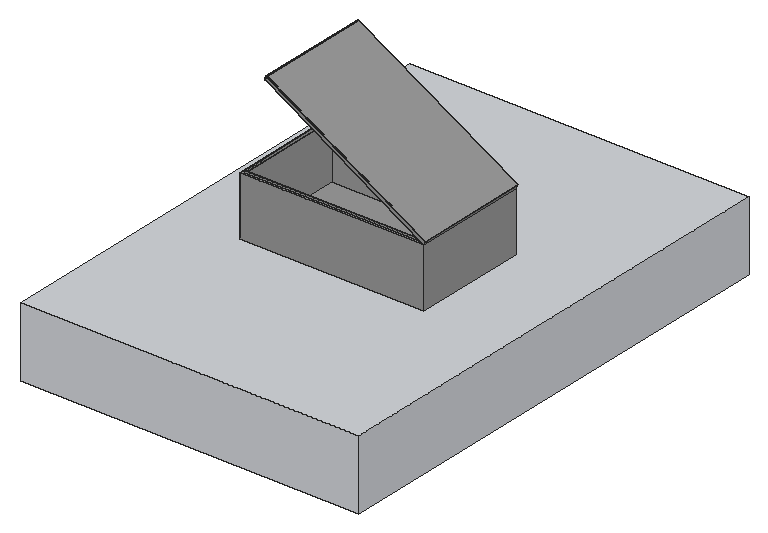
Revit family "Hager-Univers-IP55-D275-H500-Cl.I-Steel_encl-DE-de", category Equipement électrique, Revit 2020
Family settings
  Hôte = Face
  Configuration du panneau = Deux colonnes, circuits au sein
  Cote de connecteur circulaire = Utiliser le diamètre
  Type d'élément = Tableau de raccordement
  Couper avec des vides une fois chargée = Non
  Partagée = Non
  Point de calcul de pièce = Non
Parameters (values of type "Aufputz IP55 B800 H500 T275  - FR33E")
  Width Control [instance] = if([EF000008 - Breite] > Min Width, [EF000008 - Breite], Min Width)  # 800 mm
  Commentaires du type = [HG000003 - Bereich]  # "Univers"
  Thickness Door [instance] = if([EF009171 - Materialstärke Tür/Deckel] > 3 mm, 3 mm, [EF009171 - Materialstärke Tür/Deckel])  # 1.5 mm
  Seal Frame Offset [instance] = 17 mm  # constant formula
  Plinth Visibility [instance] = [HG000027 - Sockelhöhe] > 0 mm  # no
  Model = ""
  Min Width [instance] = 100 mm  # constant formula
  Min Height [instance] = 100 mm  # constant formula
  Min Depth [instance] = (2 * [EF009170 - Materialstärke Gehäuse]) + 1 mm  # 4 mm
  Internal Frame Depth [instance] = (Door System Depth * 0.5)  # 9 mm
  Height Control [instance] = if([EF000040 - Höhe] > Min Height, [EF000040 - Höhe], Min Height)  # 500 mm
  HG000027 - Sockelhöhe = 0 mm
  HG000026 - Stehend auf dem Boden = no
  HG000024 - Höhe des unteren Teils = 800 mm
  HG000023 - Gehäuse mit doppeltem Querschnitt = no
  HG000016 - 3D-Türsichtbarkeit [instance] = yes
  HG000015 - Sichtbarkeit der Türöffnung [instance] = no
  HG000014 - Tür rechts [instance] = yes
  HG000013 - Tür links [instance] = not([HG000014 - Tür rechts])  # no
  HG000012 - Türschwenkwinkel [instance] = 30.00°
  HG000010 - Asymmetrische Türen = no
  HG000009 - Doppelflügeligen Tür = no
  HG000006 - Unterputz = no
  HG000004 - Herstellerreferenz = "FR33E"
  HG000003 - Bereich = "Univers"
  HG000002 - Mit tür = yes
  Frame Offset Bottom [instance] = 10 mm  # constant formula
  Frame Offset [instance] = 15 mm  # constant formula
  EF015940 - Deckel mit Überdruckentlastung = no
  EF011959 - Schutzart (NEMA) = ""
  EF009554 - Anzahl der Öffnungen für Flanschplatten = 6
  Fabricant = "Hager"  # constant formula
  EF009212 - Ausführung Deckel = "EV000116 - geschlossen"
  EF009171 - Materialstärke Tür/Deckel = 1.5 mm
  EF009170 - Materialstärke Gehäuse = 1.5 mm
  EF008873 - Nennstrom (In) = 800 A
  EF007800 - Geeignet für Blitzschutz = no
  EF006306 - Mit Schloss = no
  EF006244 - Transparenter Deckel/Tür = no
  EF005474 - Schutzart (IP) = "EV006420 - IP55"
  EF004464 - Art der Tür = "EV002646 - Einzel"
  EF004427 - Anzahl der Module = 108
  EF004293 - Schlagfestigkeit = "EV008784 - IK10"
  EF003532 - Geeignet für Außengebrauch = no
  EF002950 - Breite in Teilungseinheiten = 24
  EF001613 - Funktionserhalt = "EV000494 - ohne"
  EF001596 - Werkstoff des Gehäuses = "EV000179 - Stahl"
  EF001131 - Innentiefe = 275 mm
  EF001088 - Anbaumöglichkeit = yes
  EF000437 - Anzahl der Leitungseinführungen = 6
  EF000339 - Art der Abdeckung = "EV004216 - Tür"
  EF000266 - Anzahl der Reihen = 3
  EF000218 - Einbautiefe = 0 mm
  EF000118 - Mit Montageplatte = no
  EF000116 - RAL-Nummer = "7035"
  EF000049 - Tiefe = 275 mm
  EF000040 - Höhe = 500 mm
  EF000008 - Breite = 800 mm
  EF000007 - Farbe = "EV000270 - grau"
  EF000003 - Montageart = "EV000384 - Aufputz"
  Door System Leaf Tolerance [instance] = 1.5 mm  # constant formula
  Door System Depth [instance] = 18 mm  # constant formula
  Door Height [instance] = Height Control - [HG000027 - Sockelhöhe]  # 500 mm
  Depth Control [instance] = if([EF000049 - Tiefe] > Min Depth, [EF000049 - Tiefe], Min Depth)  # 275 mm
  Default Elevation = 0 mm
  Connector Offset [instance] = Height Control / 2  # 250 mm
  Bottom Top Plate Trim [instance] = 1.5 mm  # constant formula
  Plinth height Ctrl [instance] = if([HG000027 - Sockelhöhe] > 0 mm, [HG000027 - Sockelhöhe], 12 mm)  # 12 mm
Types (5, lengths in mm): name | Width Control | HG000010 - Asymmetrische Türen | HG000009 - Doppelflügeligen Tür | HG000004 - Herstellerreferenz | EF009554 - Anzahl der Öffnungen für Flanschplatten | EF004464 - Art der Tür | EF004427 - Anzahl der Module | EF000437 - Anzahl der Leitungseinführungen | EF000008 - Breite
  Aufputz IP55 B1050 H500 T275  - FR34E | 1050 | no | yes | "FR34E" | 8 | "EV003602 - Doppel" | 144 | 8 | 1050
  Aufputz IP55 B1300 H500 T275  - FR35E | 1300 | yes | yes | "FR35E" | 10 | "EV003602 - Doppel" | 180 | 10 | 1300
  Aufputz IP55 B300 H500 T275  - FR31E | 300 | no | no | "FR31E" | 2 | "EV002646 - Einzel" | 36 | 2 | 300
  Aufputz IP55 B550 H500 T275  - FR32E | 550 | no | no | "FR32E" | 4 | "EV002646 - Einzel" | 72 | 4 | 550
  Aufputz IP55 B800 H500 T275  - FR33E | 800 | no | no | "FR33E" | 6 | "EV002646 - Einzel" | 108 | 6 | 800
Reference planes
  plane 1 "Center (Front/Back)": y = 0
  plane 2: z = 0
  plane 3 "Center (Left/Right)": x = 0
  plane 4: z = 275
  plane 5: y = 1.5
  plane 6: y = 250
  plane 7: y = 0
  plane 8: y = 500
  plane 9: z = 0
  plane 10: x = -385
  plane 11: x = 385
  plane 12: x = 383.5
  plane 13: x = -383.5
  plane 14: y = 498.5
  plane 15: x = -383
  plane 16: x = -400
  plane 17: x = 383
  plane 18: x = 400
  plane 19: x = 398.5
  plane 20: x = -398.5
  plane 21: y = 11.5
  plane 22: y = 500
  plane 23: y = 483.5
  plane 24: z = 257
  plane 25: z = 1.5
  plane 26: z = 255.5
  plane 27: z = 273.5
Forms (mm)
  Extrusion 1, solid
    sketch origin (0, 0, 0) x (1, 0, 0) y (0, 1, 0)
      loop
        line (-702.964, 1305) -> (-702.964, -811.445) -> (766.763, -811.445) -> (766.763, 1305) -> (-702.964, 1305)
    from 0 to -304.8
  Extrusion 2, solid, material "Hager_Steel_RAL7035_Light_Grey", visible <- "Plinth Visibility", detail levels medium+fine
    sketch origin (0, 0, 0) x (1, 0, 0) y (0, 1, 0)
      loop
        line (-400, 0) -> (400, 0) -> (400, 12) -> (-400, 12) -> (-400, 0)
    from 0 to 257
  Extrusion 3, solid, material "Hager_Steel_RAL7035_Light_Grey", detail levels medium+fine
    sketch origin (0, 0, 0) x (1, 0, 0) y (0, 1, 0)
      loop
        line (-400, 0) -> (400, 0) -> (400, 500) -> (-400, 500) -> (-400, 0)
    from 0 to 257
  Extrusion 4, void
    sketch origin (0, 0, 0) x (1, 0, 0) y (0, 1, 0)
      loop
        line (-398.5, 1.5) -> (398.5, 1.5) -> (398.5, 498.5) -> (-398.5, 498.5) -> (-398.5, 1.5)
    from 1.5 to 255.5
  Extrusion 5, void
    sketch origin (-381.607, -4572, 257) x (0, -1, 0) y (-1, 0, 0)
      loop
        line (-4583.5, 1.893) -> (-5055.5, 1.893) -> (-5055.5, -765.107) -> (-4583.5, -765.107) -> (-4583.5, 1.893)
    from 0 to 1.5 <- "EF009170 - Materialstärke Gehäuse"
  Extrusion 6, solid, material "Hager_Steel_RAL7035_Light_Grey", detail levels fine
    sketch origin (0, 0, 257) x (1, 0, 0) y (0, 1, 0)
      loop
        line (-383.5, 483.5) -> (-383.5, 11.5) -> (383.5, 11.5) -> (383.5, 483.5) -> (-383.5, 483.5)
      loop
        line (-385, 10) -> (385, 10) -> (385, 485) -> (-385, 485) -> (-385, 10)
    from 0 to 9 <- "Internal Frame Depth"
  Extrusion 7, solid, material "Hager_Steel_RAL7035_Light_Grey", detail levels coarse
    sketch origin (0, 0, 0) x (1, 0, 0) y (0, 1, 0)
      loop
        line (-400, 0) -> (400, 0) -> (400, 500) -> (-400, 500) -> (-400, 0)
    from 0 to 275
  Sweep 8, void
    path in 3D
      loop
        line (-400, 12, 0) -> (400, 12, 0) -> (400, 12, 257) -> (-400, 12, 257) -> (-400, 12, 0)
    profile origin (-400, 12, 128.5) x (-1, 0, 0) y (0, -1, 0)
      loop
        line (0, 0) -> (0, 1.5) -> (-1.5, 1.5)
        arc (-1.5, 1.5) -> (-1.061, 0.439) -> (0, 0) r 1.5
Cuts and joins
  Extrusion 4, Extrusion 5 cuts Extrusion 3
  Sweep 8 cuts Extrusion 2
Lines and regions (mm)
  Masking region 1
    outline origin (0, 0, 0) x (1, 0, 0) y (0, 0, 1)
      loop
        line (-400, 275) -> (-400, 0) -> (400, 0) -> (400, 275) -> (-400, 275)
  Masking region 2, detail levels medium+fine
    outline origin (0, 140, 0) x (0, 1, 0) y (0, 0, 1)
      loop
        line (-140, 0) -> (360, 0) -> (360, 257) -> (-140, 257) -> (-140, 0)
  Masking region 3, not visible, detail levels medium+fine
    outline origin (0, 297.922, 0) x (0, 1, 0) y (0, 0, 1)
      loop
        line (-36.422, 0) -> (3.578, 0) -> (3.578, 263.5)
        arc (3.578, 263.5) -> (0.649, 270.571) -> (-6.422, 273.5) r 10
        line (-6.422, 273.5) -> (-36.422, 273.5) -> (-36.422, 0)
  Masking region 4, detail levels coarse
    outline origin (0, 0, 180) x (0, 1, 0) y (0, 0, 1)
      loop
        line (0, -180) -> (500, -180) -> (500, 95) -> (0, 95) -> (0, -180)
  Masking region 5, visible <- "Plinth Visibility", detail levels medium+fine
    outline origin (0, 52.24, 12.345) x (0, 0, -1) y (0, 1, 0)
      loop
        line (10.845, -40.24) -> (-243.155, -40.24)
        arc (-243.155, -40.24) -> (-243.594, -41.301) -> (-244.655, -41.74) r 1.5
        line (-244.655, -41.74) -> (-244.655, -52.24) -> (12.345, -52.24) -> (12.345, -41.74)
        arc (12.345, -41.74) -> (11.285, -41.301) -> (10.845, -40.24) r 1.5
  Masking region 6, detail levels medium+fine
    outline origin (-381.607, -4572, 257) x (-1, 0, 0) y (0, -1, 0)
      loop
        line (18.393, -5072) -> (18.393, -4572) -> (-781.607, -4572) -> (-781.607, -5072) -> (18.393, -5072)
  Masking region 7, visible <- "Plinth Visibility", detail levels medium+fine
    outline origin (-381.607, -4727, 257) x (-1, 0, 0) y (0, -1, 0)
      loop
        arc (16.893, -4739) -> (17.332, -4737.939) -> (18.393, -4737.5) r 1.5
        line (18.393, -4737.5) -> (18.393, -4727) -> (-781.607, -4727) -> (-781.607, -4737.5)
        arc (-781.607, -4737.5) -> (-780.546, -4737.939) -> (-780.107, -4739) r 1.5
        line (-780.107, -4739) -> (16.893, -4739)
  Masking region 8, detail levels coarse
    outline origin (-442.548, -4669.526, 257) x (-1, 0, 0) y (0, -1, 0)
      loop
        line (-42.548, -5169.526) -> (-42.548, -4669.526) -> (-842.548, -4669.526) -> (-842.548, -5169.526) -> (-42.548, -5169.526)
  sketch lines
    curve 1: line (-400, 12, 257) -> (-400, 12, 0)
    curve 2: line (400, 12, 257) -> (-400, 12, 257)
    curve 3: line (400, 12, 257) -> (400, 12, 0)
    curve 4: line (-400, 12, 0) -> (400, 12, 0)
Dimensions and locks
  "Depth Control": plane 4 to Extrusion 1
  "HG000027 - Sockelhöhe": plane 1 "Center (Front/Back)" to plane 7
  "EF009170 - Materialstärke Gehäuse": plane 5 to plane 7
  locked: connector elem to plane 3 "Center (Left/Right)"
  equal spacing: plane 8, plane 6, plane 7
  locked: connector elem to plane 6
  "EF009170 - Materialstärke Gehäuse": plane 8 to plane 14
  "EF009170 - Materialstärke Gehäuse": plane 10 to plane 13
  "EF009170 - Materialstärke Gehäuse": plane 12 to plane 11
  "Frame Offset": plane 20 to plane 13
  "Frame Offset": plane 12 to plane 19
  "EF009170 - Materialstärke Gehäuse": plane 16 to plane 20
  "EF009170 - Materialstärke Gehäuse": plane 19 to plane 18
  "Seal Frame Offset": plane 16 to plane 15
  "Seal Frame Offset": plane 17 to plane 18
  "Frame Offset Bottom": plane 21 to plane 5
  "Frame Offset": plane 14 to plane 23
  equal spacing: plane 16, plane 3 "Center (Left/Right)", plane 18
  "Width Control": plane 16 to plane 18
  "EF009170 - Materialstärke Gehäuse": plane 4 to plane 27
  "EF009170 - Materialstärke Gehäuse": plane 24 to plane 26
  "EF009170 - Materialstärke Gehäuse": plane 25 to level
  "Door System Depth": plane 4 to plane 24
  "Height Control": plane 1 "Center (Front/Back)" to Extrusion 7 sketch curve
  "Height Control": Masking region 4 sketch curve to plane 1 "Center (Front/Back)"
  "Height Control": plane 1 "Center (Front/Back)" to plane 22
  "Bottom Top Plate Trim": profile plane to Sweep 8 sketch curve
  "Bottom Top Plate Trim": Sweep 8 sketch curve to profile plane
  "Plinth height Ctrl": plane 1 "Center (Front/Back)" to Extrusion 2 sketch curve
  "Plinth height Ctrl": Masking region 5 sketch curve to plane 1 "Center (Front/Back)"
  "Plinth height Ctrl": plane 1 "Center (Front/Back)" to Masking region 7 sketch curve
  "Thickness Door": Extrusion 6 sketch curve to Extrusion 6 sketch curve  (x3)
  "Thickness Door": cut or joined group of Extrusion 3, Extrusion 4, Extrusion 5 to Extrusion 6 sketch curve
  radius of Masking region 3 sketch curve = 10 mm
  "Bottom Top Plate Trim": radius of Masking region 5 sketch curve  (x2)
  "Bottom Top Plate Trim": radius of Sweep 8 sketch curve
  "Bottom Top Plate Trim": radius of Masking region 7 sketch curve  (x2)
  aligned and locked: plane 2 to Extrusion 1
  aligned and locked: level to Extrusion 1
  aligned and locked: level to Masking region 1 sketch curve
  aligned and locked: Masking region 1 sketch curve to plane 18
  aligned and locked: Masking region 1 sketch curve to plane 16
  aligned and locked: plane 7 to Masking region 2 sketch curve
  aligned and locked: level to Masking region 3 sketch curve
  aligned and locked: Masking region 3 sketch curve to plane 27
  aligned and locked: level to Masking region 2 sketch curve
  aligned and locked: plane 1 "Center (Front/Back)" to Extrusion 2 sketch curve
  aligned and locked: Extrusion 3 sketch curve to plane 7
  aligned and locked: plane 16 to Extrusion 3 sketch curve
  aligned and locked: plane 18 to Extrusion 3 sketch curve
  aligned and locked: plane 20 to Extrusion 4 sketch curve
  aligned and locked: plane 19 to Extrusion 4 sketch curve
  aligned and locked: Extrusion 4 sketch curve to plane 5
  aligned and locked: Extrusion 4 to plane 25
  aligned and locked: plane 26 to Extrusion 4
  aligned and locked: plane 24 to Extrusion 3
  aligned and locked: Extrusion 5 sketch curve to plane 21
  aligned and locked: Extrusion 5 sketch curve to plane 13
  aligned and locked: Extrusion 5 sketch curve to plane 12
  aligned and locked: plane 18 to Extrusion 7 sketch curve
  aligned and locked: plane 1 "Center (Front/Back)" to Extrusion 7 sketch curve
  aligned and locked: plane 16 to Extrusion 7 sketch curve
  aligned and locked: plane 4 to Extrusion 7
  aligned and locked: Extrusion 7 to level
  aligned and locked: level to Masking region 4 sketch curve
  aligned and locked: Masking region 4 sketch curve to plane 1 "Center (Front/Back)"
  aligned and locked: Masking region 4 sketch curve to plane 4
  aligned and locked: nested 1 to level
  aligned and locked: nested 1 to plane 16
  aligned and locked: plane 8 to Extrusion 3 sketch curve
  aligned and locked: plane 23 to Extrusion 5 sketch curve
  aligned and locked: plane 14 to Extrusion 4 sketch curve
  aligned and locked: Masking region 2 sketch curve to plane 8
  aligned and locked: level to Masking region 5 sketch curve
  aligned and locked: plane 16 to Extrusion 2 sketch curve
  aligned and locked: plane 18 to Extrusion 2 sketch curve
  aligned and locked: Masking region 5 sketch curve to plane 24
  aligned and locked: Masking region 2 sketch curve to plane 24
  aligned and locked: plane 24 to Extrusion 2
  aligned and locked: profile plane to Sweep 8 sketch curve  (x2)
  aligned and locked: Masking region 6 sketch curve to plane 18
  aligned and locked: Masking region 6 sketch curve to plane 22
  aligned and locked: Masking region 6 sketch curve to plane 16
  aligned and locked: plane 8 to plane 22
  aligned and locked: Masking region 6 sketch curve to plane 7
  aligned and locked: Masking region 7 sketch curve to plane 16
  aligned and locked: Masking region 7 sketch curve to plane 1 "Center (Front/Back)"
  aligned and locked: Masking region 7 sketch curve to plane 18
  aligned and locked: Masking region 8 sketch curve to plane 1 "Center (Front/Back)"
  aligned and locked: Masking region 8 sketch curve to plane 18
  aligned and locked: Masking region 8 sketch curve to plane 22
  aligned and locked: Masking region 8 sketch curve to plane 16
  aligned and locked: nested 2 to plane 7
  aligned and locked: plane 3 "Center (Left/Right)" to nested 2
  aligned and locked: nested 2 to plane 24
  aligned and locked: Extrusion 6 sketch curve to cut or joined group of Extrusion 3, Extrusion 4, Extrusion 5  (x4)
Automatic sketch dimensions
  Extrusion 1 sketch curve to Extrusion 1 sketch curve = 1469.727 mm
  Extrusion 1 sketch curve to Extrusion 1 sketch curve = 2116.445 mm
  Masking region 1 sketch curve to plane 4 = 0 mm
  plane 6 to Masking region 3 sketch curve = 11.5 mm
  Masking region 3 sketch curve to Masking region 3 sketch curve = 30 mm
  Masking region 5 sketch curve to plane 1 "Center (Front/Back)" = 0 mm
Nested families
  nested 1: "Hager_Enclosure_Symbol" at (-400, 0, 0) x (1, 0, 0) z (0, -1, 0), Height <- "Depth Control", Width <- "Width Control", type "Hager_Enclosure_Symbol"
    with Width_Ctrl 800 mm, Width 800 mm, Height_Ctrl 275 mm, Height 275 mm, A_Width_Int 18.047 mm, A_Width 216.562 mm, A_Height_Ctrl 240.625 mm, A_Height 240.625 mm
  nested 2: "EC000058_Univers_Door" at (0, 0, 257) x (1, 0, 0) z (0, 1, 0), Leaf_Tolerance <- "Door System Leaf Tolerance", Angle <- "HG000012 - Türschwenkwinkel", Door_Depth <- "Door System Depth", Door_Left <- "HG000013 - Tür links", Transparent <- "EF006244 - Transparenter Deckel/Tür", Assymetrical <- "HG000010 - Asymmetrische Türen", Width <- "Width Control", Clearance <- "HG000015 - Sichtbarkeit der Türöffnung", Double <- "HG000009 - Doppelflügeligen Tür", 3d_Door <- "HG000016 - 3D-Türsichtbarkeit", Lock_Visibility <- "EF006306 - Mit Schloss", Width_Ctrl <- "Width Control", Door_Right <- "HG000014 - Tür rechts", Door <- "HG000002 - Mit tür", Height <- "Door Height", Thickness <- "Thickness Door", type "EC000058_Univers_Door", detail levels medium+fine
    with min_wh 4 mm, Width_Ctrl 800 mm, Width 800 mm, Transparent no, Thickness 1.5 mm, Seal_Material Hager_Rubber, Lock_Visibility no, Lock_Material Hager_Plastic_RAL9005_Jet_Black, Leaf_Width 800 mm, Leaf_Tolerance_External_Sides 0 mm, Leaf_Tolerance 1.5 mm, Leaf_Offset 0 mm, Leaf_Height 497 mm, Leaf_2_Width 800 mm, Leaf_2_Offset 400 mm, Leaf_1_Width 800 mm, Leaf_1_Offset 400 mm, Height_Ctrl 500 mm, Height 500 mm, Glass_Material Hager_Glass, Double_Clearance_Ctrl no, Double no, Door_Right_Ctrl yes, Door_Right yes, Door_Material Hager_Steel_RAL7035_Light_Grey, Door_Left_Ctrl no, Door_Left no, Door_Depth 18 mm, Door yes, Clearance_Material Hager_Clearance, Clearance_Depth 800 mm, Clearance_Ctrl no, Clearance no, Assymetrical no, Angle 30.00°, 3d_Door yes
Connectors
  electrical at (0, 250, 0)
    settings: on plane 9, index 1, voltage 0 V, apparent load 0 VA, apparent load phase1 0 VA, apparent load phase2 0 VA, apparent load phase3 0 VA, power factor 1, load classification "Other", number of poles 1, system type 30, power factor state 1, is connector primary yes, connector utility no, sub classification motor no, connector description ""
Definition of nested family "EC000058_Univers_Door"
  Parameters (values of type "EC000058_Univers_Door")
    min_wh [instance] = (2 * Thickness) + 1 mm  # 11 mm
    Width_Ctrl [instance] = 400 mm
    Width [instance] = 500 mm
    Transparent [instance] = yes
    Thickness [instance] = 5 mm
    Seal_Material [instance] = none
    Lock_Visibility [instance] = yes
    Lock_Material [instance] = none
    Leaf_Width [instance] = if((Width_Ctrl - 2 * Leaf_Tolerance_External_Sides) > 0 mm, (Width_Ctrl - 2 * Leaf_Tolerance_External_Sides), min_wh)  # 400 mm
    Leaf_Tolerance_External_Sides [instance] = 0 mm  # constant formula
    Leaf_Tolerance [instance] = 1.5 mm
    Leaf_Offset [instance] = 0 mm  # constant formula
    Leaf_Height [instance] = if((Height_Ctrl - 2 * Leaf_Tolerance) > 0 mm, (Height_Ctrl - 2 * Leaf_Tolerance), min_wh)  # 497 mm
    Leaf_2_Width [instance] = if(and(and(Double, Assymetrical), Door_Left), (Leaf_Width / 3) - (Leaf_Tolerance / 2), if(and(and(Double, Assymetrical), Door_Right), (Leaf_Width / 3) * 2 - (Leaf_Tolerance / 2), if(and(Double, not(Assymetrical)), (Leaf_Width / 2) - Leaf_Tolerance, Leaf_Width)))  # 400 mm
    Leaf_2_Offset [instance] = if(and(Double, Assymetrical), Leaf_2_Width / 2, if(and(Double, not(Assymetrical)), Leaf_Width / 4, Leaf_Width / 2))  # 200 mm
    Leaf_1_Width [instance] = if(and(and(Double, Assymetrical), Door_Right), (Leaf_Width / 3) - (Leaf_Tolerance / 2), if(and(and(Double, Assymetrical), Door_Left), (Width / 3) * 2 - (Leaf_Tolerance / 2), if(and(Double, not(Assymetrical)), (Leaf_Width / 2) - Leaf_Tolerance, Leaf_Width)))  # 400 mm
    Leaf_1_Offset [instance] = if(and(Double, Assymetrical), Leaf_1_Width / 2, if(and(Double, not(Assymetrical)), Leaf_Width / 4, Leaf_Width / 2))  # 200 mm
    Height_Ctrl [instance] = if(Height > min_wh, Height, min_wh)  # 500 mm
    Height [instance] = 500 mm
    Glass_Material [instance] = none
    Double_Clearance_Ctrl [instance] = and(Double, Clearance)  # no
    Double [instance] = no
    Door_Right_Ctrl [instance] = and(or(Door_Right, Double), Door)  # yes
    Door_Right [instance] = yes
    Door_Material [instance] = none
    Door_Left_Ctrl [instance] = and(or(Door_Left, Double), Door)  # no
    Door_Left [instance] = no
    Door_Depth [instance] = 30 mm
    Door [instance] = yes
    Default Elevation = 1219.2 mm
    Clearance_Material [instance] = none
    Clearance_Depth [instance] = if(Leaf_1_Width > Leaf_2_Width, Leaf_1_Width, Leaf_2_Width)  # 400 mm
    Clearance_Ctrl [instance] = and(not(Double), Clearance)  # yes
    Clearance [instance] = yes
    Assymetrical [instance] = yes
    Angle [instance] = 30.00°
    3d_Door [instance] = yes
  Reference planes
    plane 1 "Center (Front/Back)": y = 0
    plane 2 "Bottom": z = 0
    plane 3 "Center (Left/Right)": x = 0
    plane 4: z = 500
    plane 5: x = -200
    plane 6: x = 200
    plane 7: z = 500
    plane 8: x = -200
    plane 9: z = 0
    plane 10: x = 200
    plane 11: y = 0
    plane 12: z = 1.5
    plane 13: x = -600
    plane 14: y = -400
    plane 15: x = 600
    plane 16: x = 0
    plane 17: x = 0
    plane 18: x = -200
    plane 19: x = 200
    plane 20: z = 498.5
  Forms (mm)
    Extrusion 1, solid, material <- "Clearance_Material", visible <- "Double_Clearance_Ctrl"
      sketch origin (1200, 0, 0) x (1, 0, 0) y (0, 0, -1)
        loop
          line (-1800, -498.5) -> (-600, -498.5) -> (-600, 0) -> (-1800, 0) -> (-1800, -498.5)
      from 0 to -400
  Dimensions and locks
    equal spacing: plane 5, plane 3 "Center (Left/Right)", plane 6
    "Width_Ctrl": plane 5 to plane 6
    "Leaf_Offset": plane 5 to plane 8
    "Leaf_Offset": plane 6 to plane 10
    "Leaf_Offset": plane 9 to level
    "Leaf_Offset": plane 4 to plane 7
    "Height_Ctrl": plane 4 to level
    "Leaf_Tolerance": plane 12 to plane 9
    locked: plane 11 to plane 1 "Center (Front/Back)"
    "Leaf_1_Offset": plane 18 to plane 16
    "Leaf_2_Offset": plane 17 to plane 19
    "Leaf_1_Width": plane 13 to plane 8
    "Leaf_2_Width": plane 10 to plane 15
    "Clearance_Depth": plane 14 to plane 1 "Center (Front/Back)"
    "Leaf_Tolerance_External_Sides": plane 8 to plane 18
    "Leaf_Tolerance_External_Sides": plane 19 to plane 10
    "Leaf_Tolerance": plane 7 to plane 20
    aligned and locked: level to plane 2 "Bottom"
    aligned and locked: nested 1 to plane 16
    aligned and locked: nested 2 to plane 17
    aligned and locked: Extrusion 1 to plane 13
    aligned and locked: plane 15 to Extrusion 1
    aligned and locked: Extrusion 1 to plane 14
    aligned and locked: plane 12 to nested 1
    aligned and locked: nested 2 to plane 12
    aligned and locked: Extrusion 1 to plane 11
    aligned and locked: plane 20 to Extrusion 1
    aligned and locked: nested 2 to plane 11
    aligned and locked: nested 1 to plane 11
  Automatic sketch dimensions
    Extrusion 1 sketch curve to level = 0 mm
    plane 5 to Extrusion 1 sketch curve = 400 mm
    plane 6 to Extrusion 1 sketch curve = 400 mm
    Extrusion 1 sketch curve to plane 4 = 1.5 mm
  Nested families
    nested 1: "EC000058_Univers_Door_Leaf" at (0, 0, 1.5), Width <- "Leaf_1_Width", visible <- "Door_Left_Ctrl", Leaf_Height <- "Leaf_Height", Angle <- "Angle", 3d_Door <- "3d_Door", Transparent <- "Transparent", Clearance Material <- "Clearance_Material", Clearance <- "Clearance_Ctrl", Door_Material <- "Door_Material", Glass_Material <- "Glass_Material", Door_Depth <- "Door_Depth", Lock_Material <- "Lock_Material", Seal_Material <- "Seal_Material", Lock_Visibility <- "Lock_Visibility", Thickness <- "Thickness", type "EC000058_Univers_Door_Leaf"
      with Width 400 mm, Transparent_Glass_Offset 30 mm, Transparent_Ctrl yes, Transparent yes, Thickness 5 mm, Standard no, Seal_Material none, Seal_D2 8 mm, Seal_D1 1 mm, Offset_Internal_Frame 10 mm, Lock_Width 20 mm, Lock_Visibility_3d yes, Lock_Visibility yes, Lock_Thickness_3 3 mm, Lock_Thickness_2 1 mm, Lock_Thickness_1 3 mm, Lock_Radius_Offset_2 16 mm, Lock_Radius_Offset_1 15 mm, Lock_Radius_2 5 mm, Lock_Radius 6 mm, Lock_Offset 5 mm, Lock_Material none, Lock_Height 80 mm, Lock_Cover_Top_Offset_2d 17 mm, Lock_Cover_Height -65 mm, Leaf_Height 497 mm, Internal_Seal_Thickness 8 mm, Internal_Seal_Depth_2 4.5 mm, Internal_Frame_Depth 25 mm, Glass_Thickness -1 mm, Glass_Offset -2 mm, Glass_Material none, Door_Material none, Door_Depth 30 mm, Clearance Material none, Clearance yes, Angle_Ctrl 30.00°, Angle 30.00°, 3d_Door yes
    nested 2: "EC000058_Univers_Door_Leaf" at (0, 0, 1.5) x (-1, 0, 0) z (0, 0, 1), Width <- "Leaf_2_Width", visible <- "Door_Right_Ctrl", Leaf_Height <- "Leaf_Height", Angle <- "Angle", 3d_Door <- "3d_Door", Transparent <- "Transparent", Clearance Material <- "Clearance_Material", Clearance <- "Clearance_Ctrl", Door_Material <- "Door_Material", Glass_Material <- "Glass_Material", Door_Depth <- "Door_Depth", Lock_Material <- "Lock_Material", Seal_Material <- "Seal_Material", Lock_Visibility <- "Lock_Visibility", Thickness <- "Thickness", type "EC000058_Univers_Door_Leaf"
      with Width 400 mm, Transparent_Glass_Offset 30 mm, Transparent_Ctrl yes, Transparent yes, Thickness 5 mm, Standard no, Seal_Material none, Seal_D2 8 mm, Seal_D1 1 mm, Offset_Internal_Frame 10 mm, Lock_Width 20 mm, Lock_Visibility_3d yes, Lock_Visibility yes, Lock_Thickness_3 3 mm, Lock_Thickness_2 1 mm, Lock_Thickness_1 3 mm, Lock_Radius_Offset_2 16 mm, Lock_Radius_Offset_1 15 mm, Lock_Radius_2 5 mm, Lock_Radius 6 mm, Lock_Offset 5 mm, Lock_Material none, Lock_Height 80 mm, Lock_Cover_Top_Offset_2d 17 mm, Lock_Cover_Height -65 mm, Leaf_Height 497 mm, Internal_Seal_Thickness 8 mm, Internal_Seal_Depth_2 4.5 mm, Internal_Frame_Depth 25 mm, Glass_Thickness -1 mm, Glass_Offset -2 mm, Glass_Material none, Door_Material none, Door_Depth 30 mm, Clearance Material none, Clearance yes, Angle_Ctrl 30.00°, Angle 30.00°, 3d_Door yes
  Definition of nested family "EC000058_Univers_Door_Leaf"
    Parameters (values of type "EC000058_Univers_Door_Leaf")
      Width [instance] = 2000 mm
      Transparent_Glass_Offset [instance] = 30 mm
      Transparent_Ctrl [instance] = and(Transparent, [3d_Door])  # yes
      Transparent [instance] = yes
      Thickness [instance] = 5 mm
      Standard [instance] = and(not(Transparent), [3d_Door])  # no
      Seal_Material [instance] = none
      Seal_D2 [instance] = 8 mm  # constant formula
      Seal_D1 [instance] = 1 mm  # constant formula
      Offset_Internal_Frame [instance] = 10 mm  # constant formula
      Lock_Width [instance] = 20 mm  # constant formula
      Lock_Visibility_3d [instance] = and(Lock_Visibility, [3d_Door])  # yes
      Lock_Visibility [instance] = yes
      Lock_Thickness_3 [instance] = 3 mm  # constant formula
      Lock_Thickness_2 [instance] = 1 mm  # constant formula
      Lock_Thickness_1 [instance] = 3 mm  # constant formula
      Lock_Radius_Offset_2 [instance] = Lock_Radius_Offset_1 + 1 mm  # 16 mm
      Lock_Radius_Offset_1 [instance] = 15 mm  # constant formula
      Lock_Radius_2 [instance] = Lock_Radius - 1 mm  # 5 mm
      Lock_Radius [instance] = 6 mm  # constant formula
      Lock_Offset [instance] = 5 mm  # constant formula
      Lock_Material [instance] = none
      Lock_Height [instance] = 80 mm  # constant formula
      Lock_Cover_Top_Offset_2d [instance] = Lock_Radius_Offset_2 + 1 mm  # 17 mm
      Lock_Cover_Height [instance] = -(Lock_Height - Lock_Radius_Offset_1)  # -65 mm
      Leaf_Height [instance] = 2720.336 mm
      Internal_Seal_Thickness [instance] = 8 mm  # constant formula
      Internal_Seal_Depth_2 [instance] = 4.5 mm  # constant formula
      Internal_Frame_Depth [instance] = if(Door_Depth - Thickness > 5 mm, Door_Depth - Thickness, 5 mm)  # 25 mm
      Glass_Thickness [instance] = if(Thickness > 15 mm, Glass_Offset + 10 mm, -1 mm)  # -1 mm
      Glass_Offset [instance] = if(Thickness > 15 mm, -(Thickness + 10 mm) / 2, -2 mm)  # -2 mm
      Glass_Material [instance] = none
      Door_Material [instance] = none
      Door_Depth [instance] = 30 mm
      Default Elevation = 0 mm
      Clearance Material [instance] = none
      Clearance [instance] = yes
      Angle_Ctrl [instance] = if(Angle > 180.00°, 180.00°, Angle)  # 90.00°
      Angle [instance] = 90.00°
      3d_Door [instance] = yes
    Reference planes
      plane 1 "Center (Front/Back)": y = 0
      plane 2: z = 0
      plane 3 "Center (Left/Right)": x = 0
      plane 4: y = 2000
      plane 5: x = -1000
      plane 6: x = 1000
      plane 7: x = -3000
      plane 8: z = 2720.336
      plane 9: z = 30
      plane 10: z = 2690.336
      plane 11: x = 970
      plane 12: x = -970
      plane 13: y = -3
      plane 14: z = 107.833
      plane 15: y = -5
      plane 16: y = -223.314
      plane 17: x = -1000
      plane 18: z = 1360.168
      plane 19: y = 30
    Forms (mm)
      Extrusion 1, solid, material <- "Clearance Material", visible <- "Clearance"
        sketch origin (0, 0, 0) x (1, 0, 0) y (0, 0, 1)
          loop
            line (-3000, 2720.336) -> (-3000, 0) -> (1000, 0) -> (1000, 2720.336) -> (-3000, 2720.336)
        from 0 to -2000
      Extrusion 2, solid, material <- "Door_Material", visible <- "Standard", detail levels medium+fine
        sketch origin (-1000, 0, 0) x (0, 1, 0) y (-1, 0, 0)
          loop
            line (0, 30) -> (0, 25) -> (2000, 25) -> (2000, 30) -> (0, 30)
        from 0 to 2720.336 <- "Leaf_Height"
      Extrusion 3, solid, material <- "Door_Material", visible <- "Transparent_Ctrl", detail levels medium+fine
        sketch origin (-1000, 0, 0) x (0, 1, 0) y (-1, 0, 0)
          loop
            line (0, 25) -> (2000, 25) -> (2000, 30) -> (0, 30) -> (0, 25)
        from 0 to 2720.336 <- "Leaf_Height"
      Extrusion 4, void
        sketch origin (-1025, 2000, 0) x (0, 1, 0) y (0, 0, -1)
          loop
            line (-30, -2690.336) -> (-30, -30) -> (-1970, -30) -> (-1970, -2690.336) -> (-30, -2690.336)
        from 0 to 5 <- "Thickness"
      Sweep 5, solid, material <- "Seal_Material", visible <- "Transparent_Ctrl", detail levels fine
        path in 3D
          loop
            line (-1025, 30, 30) -> (-1025, 30, 2690.336) -> (-1025, 1970, 2690.336) -> (-1025, 1970, 30) -> (-1025, 30, 30)
        profile origin (-1025, 1000, 30) x (1, 0, 0) y (0, 0, 1)
          loop
            line (0, 0) -> (0, -8) -> (1, -8) -> (1, 0) -> (0, 0)
      Extrusion 6, solid, material <- "Glass_Material", visible <- "Transparent_Ctrl", detail levels medium+fine
        sketch origin (-1030, 0, 0) x (0, 1, 0) y (0, 0, -1)
          loop
            line (1970, -2690.336) -> (1970, -30) -> (30, -30) -> (30, -2690.336) -> (1970, -2690.336)
        from -2 <- "Glass_Offset" to -1 <- "Glass_Thickness"
      Extrusion 7, solid, material <- "Door_Material", visible <- "3d_Door", detail levels medium+fine
        sketch origin (-1025, 2000, 0) x (0, -1, 0) y (0, 0, -1)
          loop
            line (0, -2720.336) -> (2000, -2720.336) -> (2000, 0) -> (0, 0) -> (0, -2720.336)
          loop
            line (1995, -5) -> (5, -5) -> (5, -2715.336) -> (1995, -2715.336) -> (1995, -5)
        from 0 to 25 <- "Internal_Frame_Depth"
      Sweep 8, solid, material <- "Seal_Material", visible <- "Transparent_Ctrl", detail levels fine
        path in 3D
          loop
            line (-1025, 0, 0) -> (-1025, 2000, 0) -> (-1025, 2000, 2720.336) -> (-1025, 0, 2720.336) -> (-1025, 0, 0)
        profile origin (-1025, 0, 1360.168) x (1, 0, 0) y (0, 1, 0)
          loop
            line (0, 10) -> (2.975, 10)
            arc (2.975, 10) -> (4.053, 10.447) -> (4.5, 11.525) r 1.525
            line (4.5, 11.525) -> (4.5, 16.527)
            arc (4.5, 16.527) -> (4.069, 17.569) -> (3.027, 18) r 1.473
            line (3.027, 18) -> (0, 18) -> (0, 10)
      Extrusion 9, solid, material <- "Lock_Material", visible <- "Lock_Visibility_3d", detail levels fine
        sketch origin (-1030, 0, 0) x (0, 1, 0) y (0, 0, -1)
          loop
            arc (1993.5, -1400.168) -> (1994.561, -1399.729) -> (1995, -1398.668) r 1.5
            line (1995, -1398.668) -> (1995, -1320.168) -> (1975, -1320.168) -> (1975, -1398.668)
            arc (1975, -1398.668) -> (1975.439, -1399.729) -> (1976.5, -1400.168) r 1.5
            line (1976.5, -1400.168) -> (1993.5, -1400.168)
        from 3 <- "Lock_Thickness_1" to 0
      Blend 10, solid, material <- "Lock_Material", visible <- "Lock_Visibility_3d", detail levels fine
        base sketch origin (-1033, 0, 0) x (0, 1, 0) y (0, 0, -1)
          loop
            line (1975, -1320.168) -> (1975, -1398.668)
            arc (1975, -1398.668) -> (1975.439, -1399.729) -> (1976.5, -1400.168) r 1.5
            line (1976.5, -1400.168) -> (1993.5, -1400.168)
            arc (1993.5, -1400.168) -> (1994.561, -1399.729) -> (1995, -1398.668) r 1.5
            line (1995, -1398.668) -> (1995, -1320.168) -> (1975, -1320.168)
        top sketch origin (-1033, 0, 0) x (0, 1, 0) y (0, 0, -1)
          loop
            line (1976, -1320.168) -> (1976, -1398.668)
            arc (1976, -1398.668) -> (1976.146, -1399.022) -> (1976.5, -1399.168) r 0.5
            line (1976.5, -1399.168) -> (1993.5, -1399.168)
            arc (1993.5, -1399.168) -> (1993.854, -1399.022) -> (1994, -1398.668) r 0.5
            line (1994, -1398.668) -> (1994, -1320.168) -> (1976, -1320.168)
        from 0 to 1 <- "Lock_Thickness_2"
      Blend 11, solid, material <- "Lock_Material", visible <- "Lock_Visibility_3d", detail levels fine
        base sketch origin (-1034, 0, 0) x (0, 1, 0) y (0, 0, -1)
          loop
            line (1978, -1320.168) -> (1978, -1384.168)
            arc (1978, -1384.168) -> (1985, -1391.168) -> (1992, -1384.168) r 7
            line (1992, -1384.168) -> (1992, -1320.168) -> (1978, -1320.168)
        top sketch origin (-1034, 0, 0) x (0, 1, 0) y (0, 0, -1)
          loop
            line (1991, -1320.168) -> (1979, -1320.168) -> (1979, -1383.168)
            arc (1979, -1383.168) -> (1985, -1389.168) -> (1991, -1383.168) r 6
            line (1991, -1383.168) -> (1991, -1320.168)
        from 0 to 3 <- "Lock_Thickness_3"
      Extrusion 12, solid, material <- "Lock_Material", visible <- "Lock_Visibility_3d", detail levels fine
        sketch origin (-1030, 1975, 1320.168) x (1, 0, 0) y (0, -1, 0)
          loop
            line (-7, -19) -> (-7, -1) -> (0, -1) -> (0, 0) -> (-8, 0) -> (-8, -20) -> (0, -20) -> (0, -19) -> (-7, -19)
        from 0 to -65 <- "Lock_Cover_Height"
      Extrusion 13, void
        sketch origin (-1038, 1995, 1320.168) x (-1, 0, 0) y (0, 0, -1)
          loop
            line (-5, -65) -> (0, -65) -> (-5, -60) -> (-5, -65)
        from 0 to 20 <- "Lock_Width"
      Extrusion 14, void
        sketch origin (-1038, 1975, 1320.168) x (0, -1, 0) y (0, 0, -1)
          loop
            circle (-10, -15.995) r 6
          loop
            circle (-10, -15.995) r 5
        from 0 to 2
      Extrusion 15, solid, material <- "Lock_Material", visible <- "Lock_Visibility_3d", detail levels medium
        sketch origin (-1030, 0, 0) x (0, 1, 0) y (0, 0, -1)
          loop
            arc (1993.5, -1400.168) -> (1994.561, -1399.729) -> (1995, -1398.668) r 1.5
            line (1995, -1398.668) -> (1995, -1320.168) -> (1975, -1320.168) -> (1975, -1398.668)
            arc (1975, -1398.668) -> (1975.439, -1399.729) -> (1976.5, -1400.168) r 1.5
            line (1976.5, -1400.168) -> (1993.5, -1400.168)
        from 8 to 0
    Cuts and joins
      Extrusion 4 cuts Extrusion 3
      Extrusion 13, Extrusion 14 cuts Extrusion 9
      Extrusion 14 cuts Blend 11
      Extrusion 13, Extrusion 14 cuts Extrusion 12
      joined: Extrusion 9, Blend 10, Blend 11, Extrusion 12
      Extrusion 14 cuts Extrusion 15
    Lines and regions (mm)
      Masking region 1, visible <- "Lock_Visibility", detail levels fine
        outline origin (0, 0, 0) x (0, 1, 0) y (0, 0, 1)
          loop
            line (30, 1320.168) -> (33, 1320.168) -> (33, 1400.168) -> (30, 1400.168) -> (30, 1320.168)
      Masking region 2, visible <- "Lock_Visibility", detail levels fine
        outline origin (0, 3.143, 0) x (0, 1, 0) y (0, 0, 1)
          loop
            line (29.857, 1354.168) -> (30.857, 1354.168) -> (30.857, 1366.168) -> (29.857, 1366.168) -> (29.857, 1354.168)
      Masking region 3, detail levels medium+fine
        outline origin (0, 0, 0) x (0, 1, 0) y (0, 0, 1)
          loop
            line (0, 0) -> (30, 0) -> (30, 2720.336) -> (0, 2720.336) -> (0, 0)
      Masking region 4, detail levels medium+fine
        outline origin (0, 0, 0) x (1, 0, 0) y (0, 0, 1)
          loop
            line (-1000, 2720.336) -> (-1000, 0) -> (1000, 0) -> (1000, 2720.336) -> (-1000, 2720.336)
      Masking region 5, visible <- "Lock_Visibility", detail levels fine
        outline origin (-47.116, 0, 0) x (1, 0, 0) y (0, 0, 1)
          loop
            arc (1024.616, 1399.168) -> (1023.556, 1398.729) -> (1023.116, 1397.668) r 1.5
            line (1023.116, 1397.668) -> (1023.116, 1320.168) -> (1041.116, 1320.168) -> (1041.116, 1397.668)
            arc (1041.116, 1397.668) -> (1040.677, 1398.729) -> (1039.616, 1399.168) r 1.5
            line (1039.616, 1399.168) -> (1024.616, 1399.168)
      Masking region 6, visible <- "Lock_Visibility", detail levels medium+fine
        outline origin (-25, 0, 0) x (1, 0, 0) y (0, 0, 1)
          loop
            arc (1001.5, 1400.168) -> (1000.439, 1399.729) -> (1000, 1398.668) r 1.5
            line (1000, 1398.668) -> (1000, 1320.168) -> (1020, 1320.168) -> (1020, 1398.668)
            arc (1020, 1398.668) -> (1019.561, 1399.729) -> (1018.5, 1400.168) r 1.5
            line (1018.5, 1400.168) -> (1001.5, 1400.168)
      Masking region 7, visible <- "Lock_Visibility", detail levels fine
        outline origin (-73.735, 0, 0) x (1, 0, 0) y (0, 0, 1)
          loop
            line (1051.735, 1382.168) -> (1065.735, 1382.168) -> (1065.735, 1384.168)
            arc (1065.735, 1384.168) -> (1058.735, 1391.168) -> (1051.735, 1384.168) r 7
            line (1051.735, 1384.168) -> (1051.735, 1382.168)
      Masking region 8, visible <- "Lock_Visibility", detail levels fine
        outline origin (-73.735, 0, 0) x (1, 0, 0) y (0, 0, 1)
          loop
            line (1052.735, 1382.168) -> (1064.735, 1382.168) -> (1064.735, 1383.168)
            arc (1064.735, 1383.168) -> (1058.735, 1389.168) -> (1052.735, 1383.168) r 6
            line (1052.735, 1383.168) -> (1052.735, 1382.168)
      Masking region 9, visible <- "Lock_Visibility", detail levels fine
        outline origin (-25, 0, 0) x (1, 0, 0) y (0, 0, 1)
          loop
            line (1020, 1320.168) -> (1020, 1382.168) -> (1000, 1382.168) -> (1000, 1320.168) -> (1020, 1320.168)
      Masking region 10, detail levels medium+fine
        outline origin (0, 0, 0) x (1, 0, 0) y (0, 0, 1)
          loop
            circle (985, 1335.144) r 6
      Masking region 11, detail levels fine
        outline origin (0, 0, 0) x (1, 0, 0) y (0, 0, 1)
          loop
            circle (985, 1335.144) r 5
      Masking region 12, visible <- "Lock_Visibility", detail levels fine
        outline origin (0, 12.767, 0) x (0, 1, 0) y (0, 0, 1)
          loop
            line (20.233, 1320.168) -> (21.233, 1320.168) -> (21.233, 1399.168) -> (20.233, 1400.168) -> (20.233, 1320.168)
      Masking region 13, visible <- "Lock_Visibility", detail levels fine
        outline origin (0, 13.767, -10) x (0, 1, 0) y (0, 0, 1)
          loop
            line (20.233, 1330.168) -> (23.233, 1330.168) -> (23.233, 1399.168) -> (20.233, 1402.168) -> (20.233, 1330.168)
      Masking region 14, visible <- "Lock_Visibility", detail levels fine
        outline origin (0, 12.767, -10) x (0, 1, 0) y (0, 0, 1)
          loop
            line (20.233, 1330.168) -> (25.233, 1330.168) -> (25.233, 1399.305) -> (20.233, 1394.305) -> (20.233, 1330.168)
      Masking region 15, visible <- "Lock_Visibility", detail levels medium
        outline origin (0, 0, 0) x (0, 1, 0) y (0, 0, 1)
          loop
            line (30, 1320.168) -> (38, 1320.168) -> (38, 1400.168) -> (30, 1400.168) -> (30, 1320.168)
      Masking region 16, visible <- "Lock_Visibility", detail levels fine
        outline origin (-1000, 0, 0) x (0, 1, 0) y (-1, 0, 0)
          loop
            line (1975, 30) -> (1995, 30) -> (1995, 38) -> (1975, 38) -> (1975, 30)
          loop
            line (1979, 37) -> (1976, 37) -> (1976, 34) -> (1978, 34) -> (1979, 37)
          loop
            line (1994, 37) -> (1991, 37) -> (1992, 34) -> (1994, 34) -> (1994, 37)
      Masking region 17, visible <- "Lock_Visibility", detail levels medium
        outline origin (-1000, 0, 0) x (0, 1, 0) y (-1, 0, 0)
          loop
            line (1975, 30) -> (1995, 30) -> (1995, 38) -> (1975, 38) -> (1975, 30)
      symbolic lines
        curve 1: line (1000, 0, 0) -> (-3000, 0, 0)
        curve 2: arc (1000, 0, 0) -> (-1000, 2000, 0) -> (-3000, 0, 0) r 2000
        curve 4: line (-1030, 0, 0) -> (-1030, 2000, 0)
      reference lines
        curve 3: line (-1000, 0, 0) -> (-1000, 2000, 0)
      symbolic lines, detail levels medium+fine
        curve 5: line (-1030, 2000, 0) -> (-1025, 2000, 0)
        curve 7: line (-1025, 0, 0) -> (-1030, 0, 0)
        curve 8: line (-1025, 0, 0) -> (-1000, 0, 0)
        curve 9: line (-1000, 0, 0) -> (-1000, 2000, 0)
        curve 10: line (-1000, 2000, 0) -> (-1025, 2000, 0)
      symbolic lines, detail levels fine
        curve 6: line (-1025, 2000, 0) -> (-1025, 0, 0)
      sketch lines
        curve 11: line (-1025, 0, 2720.336) -> (-1025, 0, 0)
        curve 12: line (-1025, 2000, 0) -> (-1025, 0, 0)
        curve 13: line (-1025, 2000, 2720.336) -> (-1025, 2000, 0)
        curve 14: line (-1025, 0, 2720.336) -> (-1025, 2000, 2720.336)
        curve 15: line (-1025, 1970, 30) -> (-1025, 30, 30)
        curve 16: line (-1025, 30, 30) -> (-1025, 30, 2690.336)
        curve 17: line (-1025, 1970, 2690.336) -> (-1025, 1970, 30)
        curve 18: line (-1025, 30, 2690.336) -> (-1025, 1970, 2690.336)
      symbolic lines, visible <- "Transparent", detail levels medium+fine
        curve 19: line (-970, 0, 2690.336) -> (970, 0, 2690.336)
        curve 20: line (-970, 0, 30) -> (-970, 0, 2690.336)
        curve 21: line (970, 0, 30) -> (-970, 0, 30)
        curve 22: line (970, 0, 2690.336) -> (970, 0, 30)
    Dimensions and locks
      "Width": plane 1 "Center (Front/Back)" to plane 4
      equal spacing: plane 5, plane 3 "Center (Left/Right)", plane 6
      "Width": plane 5 to plane 6
      "Width": plane 7 to plane 5
      "Leaf_Height": plane 8 to level
      "Width": curve 5 to curve 3
      "Width": curve 3 to curve 3
      plane 8 to plane 10 = 30 mm
      plane 9 to level = 30 mm
      plane 12 to plane 5 = 30 mm
      plane 6 to plane 11 = 30 mm
      Extrusion 1 to Extrusion 4 sketch curve = 30 mm
      "Transparent_Glass_Offset": curve 3 to Extrusion 4 sketch curve
      "Transparent_Glass_Offset": Extrusion 4 sketch curve to cut or joined group of Extrusion 3, Extrusion 4  (x2)
      cut or joined group of Extrusion 3, Extrusion 4 to Extrusion 6 sketch curve = 30 mm
      "Transparent_Glass_Offset": cut or joined group of Extrusion 3, Extrusion 4 to Extrusion 4 sketch curve
      "Thickness": curve 6 to curve 4
      "Thickness": Extrusion 7 sketch curve to Extrusion 7 sketch curve  (x4)
      "Door_Depth": curve 4 to curve 3
      "Offset_Internal_Frame": profile plane to Sweep 8 sketch curve
      "Internal_Seal_Thickness": Sweep 8 sketch curve to Sweep 8 sketch curve
      "Internal_Seal_Depth_2": profile plane to Sweep 8 sketch curve
      "Seal_D1": profile plane to Sweep 5 sketch curve
      "Seal_D2": profile plane to Sweep 5 sketch curve
      "Thickness": Extrusion 2 sketch curve to Extrusion 2 sketch curve
      equal spacing: Extrusion 9 sketch curve, plane 18, Extrusion 9 sketch curve  (x2)
      equal spacing: Masking region 1 sketch curve, plane 18, Masking region 1 sketch curve
      "Lock_Height": Masking region 1 sketch curve to Masking region 1 sketch curve
      "Lock_Radius": Masking region 2 sketch curve to plane 18 to Masking region 2 sketch curve
      Masking region 2 sketch curve to Masking region 1 = 1 mm
      "Door_Depth": plane 19 to plane 1 "Center (Front/Back)"
      "Lock_Thickness_1": Masking region 1 sketch curve to plane 19
      "Lock_Width": Extrusion 9 sketch curve to Extrusion 9 sketch curve
      "Lock_Height": Extrusion 9 sketch curve to Extrusion 9 sketch curve
      "Lock_Offset": cut or joined group of Extrusion 3, Extrusion 4 to Extrusion 9 sketch curve
      equal spacing: plane 8, plane 18, level
      "Lock_Radius_Offset_1": Blend 11 sketch curve to Blend 10
      locked: Blend 10 to Blend 11 sketch curve at 2  (x2)
      locked: var sketch to Blend 11 sketch curve at 1  (x2)
      "Lock_Radius_Offset_2": Blend 11 sketch curve to Blend 10
      locked: Extrusion 12 sketch curve to Extrusion 12 sketch curve at 1  (x3)
      Masking region 6 sketch curve to Masking region 6 sketch curve = 80 mm
      "Lock_Height": Masking region 6 sketch curve to Masking region 6 sketch curve
      "Lock_Width": Masking region 6 sketch curve to Masking region 6 sketch curve
      locked: Masking region 6 to Masking region 5 sketch curve at 1  (x3)
      locked: Masking region 5 to Masking region 7 sketch curve at 2  (x2)
      "Lock_Radius_Offset_1": Masking region 5 to Masking region 7 sketch curve
      "Lock_Radius_Offset_2": Masking region 5 to Masking region 8 sketch curve
      locked: Masking region 7 to Masking region 8 sketch curve at 1  (x2)
      "Lock_Cover_Top_Offset_2d": Masking region 5 to Masking region 9 sketch curve
      equal spacing: Masking region 9, Masking region 10 sketch curve, Masking region 9
      equal spacing: Masking region 9, Masking region 11 sketch curve, Masking region 9
      Extrusion 15 sketch curve to Extrusion 15 sketch curve = 80 mm
      "Lock_Width": Extrusion 15 sketch curve to Extrusion 15 sketch curve
      "Lock_Height": Extrusion 15 sketch curve to Extrusion 15 sketch curve
      equal spacing: Extrusion 15 sketch curve, plane 18, Extrusion 15 sketch curve
      "Lock_Thickness_3": Masking region 13 sketch curve to Masking region 13 sketch curve
      "Lock_Height": Masking region 12 sketch curve to Masking region 12 sketch curve
      locked: Masking region 13 sketch curve to Masking region 1 at 8
      locked: Masking region 14 sketch curve to Masking region 13 at 1
      locked: Masking region 14 sketch curve to Masking region 1 at 10.863
      "Lock_Height": Masking region 15 sketch curve to Masking region 15 sketch curve
      "Lock_Offset": Extrusion 15 sketch curve to cut or joined group of Extrusion 3, Extrusion 4
      "Lock_Offset": plane 6 to Masking region 6 sketch curve
      radius of Sweep 8 sketch curve = 1.525 mm
      radius of Sweep 8 sketch curve = 1.473 mm
      radius of Extrusion 9 sketch curve = 1.5 mm  (x2)
      "Lock_Radius": radius of Extrusion 14 sketch curve
      "Lock_Radius_2": radius of Extrusion 14 sketch curve
      "Lock_Radius": radius of Masking region 10 sketch curve
      "Lock_Radius_2": radius of Masking region 11 sketch curve
      radius of Extrusion 15 sketch curve = 1.5 mm  (x2)
      "Angle_Ctrl": angle plane 1 "Center (Front/Back)" to curve 3
      locked: Masking region 12 sketch curve to Masking region 12 sketch curve (angle 45.00°)
      locked: Masking region 13 sketch curve to Masking region 13 sketch curve (angle 45.00°)
      locked: Masking region 14 sketch curve to Masking region 14 sketch curve (angle 45.00°)
      aligned and locked: level to plane 2
      aligned and locked: Extrusion 1 to curve 1
      aligned and locked: plane 6 to Extrusion 1
      aligned and locked: Extrusion 1 to plane 1 "Center (Front/Back)"
      aligned and locked: plane 4 to Extrusion 1
      aligned and locked: plane 8 to Extrusion 1
      aligned and locked: curve 7 to Extrusion 2 sketch curve
      aligned and locked: curve 5 to Extrusion 2 sketch curve
      aligned and locked: curve 7 to Extrusion 3 sketch curve
      aligned and locked: Extrusion 3 sketch curve to curve 4
      aligned and locked: Extrusion 3 sketch curve to curve 6
      aligned and locked: Extrusion 3 sketch curve to curve 5
      aligned and locked: curve 9 to curve 3
      aligned and locked: Extrusion 7 sketch curve to cut or joined group of Extrusion 3, Extrusion 4  (x4)
      aligned and locked: plane 17 to curve 3
      aligned and locked: plane 1 "Center (Front/Back)" to curve 3
      aligned and locked: plane 17 to plane 5
      aligned and locked: Sweep 8 sketch curve to profile plane
      aligned and locked: Sweep 5 sketch curve to profile plane  (x2)
      aligned and locked: Masking region 1 to Masking region 2 sketch curve
      aligned and locked: plane 19 to Masking region 1 sketch curve
      aligned and locked: plane 1 "Center (Front/Back)" to Masking region 3 sketch curve
      aligned and locked: plane 19 to Masking region 3 sketch curve
      aligned and locked: level to Masking region 3 sketch curve
      aligned and locked: Masking region 3 sketch curve to plane 8
      aligned and locked: plane 17 to Masking region 4 sketch curve
      aligned and locked: level to Masking region 4 sketch curve
      aligned and locked: Masking region 4 sketch curve to plane 8
      aligned and locked: plane 12 to curve 20
      aligned and locked: plane 10 to curve 19
      aligned and locked: plane 11 to curve 22
      aligned and locked: curve 21 to plane 9
      aligned and locked: Extrusion 2 sketch curve to cut or joined group of Extrusion 3, Extrusion 4
      aligned and locked: Blend 10 sketch curve to Extrusion 9  (x4)
      aligned and locked: Extrusion 9 to Blend 10 sketch curve
      aligned and locked: Blend 10 to Blend 11 sketch curve
      aligned and locked: Extrusion 12 sketch curve to Blend 11
      aligned and locked: Extrusion 12 sketch curve to Extrusion 9  (x4)
      aligned and locked: Masking region 5 sketch curve to Masking region 6
      aligned and locked: Masking region 9 sketch curve to Masking region 6  (x3)
      aligned and locked: Masking region 12 sketch curve to Masking region 1
      aligned and locked: Masking region 13 sketch curve to Masking region 1
      aligned and locked: Masking region 12 to Masking region 14
      aligned and locked: Masking region 14 sketch curve to Masking region 1
      aligned and locked: Masking region 15 sketch curve to Masking region 14
      aligned and locked: Masking region 13 sketch curve to Masking region 12
      aligned and locked: Masking region 16 sketch curve to cut or joined group of Extrusion 14, Extrusion 15  (x4)
      aligned and locked: Masking region 16 sketch curve to cut or joined group of Extrusion 9, Blend 10, Blend 11, Extrusion 12, Extrusion 13, Extrusion 14  (x6)
      aligned and locked: cut or joined group of Extrusion 9, Blend 10, Blend 11, Extrusion 12, Extrusion 13, Extrusion 14 to Masking region 16 sketch curve
      aligned and locked: Masking region 17 sketch curve to cut or joined group of Extrusion 14, Extrusion 15  (x3)
      aligned and locked: Masking region 17 sketch curve to cut or joined group of Extrusion 9, Blend 10, Blend 11, Extrusion 12, Extrusion 13, Extrusion 14
      aligned and locked: Masking region 9 to Masking region 8 sketch curve
      aligned and locked: Masking region 9 to Masking region 7 sketch curve
    Automatic sketch dimensions
      plane 1 "Center (Front/Back)" to curve 2 = 0 mm
      curve 2 to plane 5 = 0 mm
      Extrusion 1 sketch curve to level = 0 mm
      Extrusion 1 sketch curve to plane 7 = 0 mm
      Extrusion 1 sketch curve to plane 6 = 0 mm
      Extrusion 1 sketch curve to plane 8 = 0 mm
      Extrusion 3 to Extrusion 6 sketch curve = 30 mm  (x4)
      Masking region 4 sketch curve to plane 6 = 0 mm
      Blend 10 sketch curve to Extrusion 9 = 1.5 mm
      Blend 10 sketch curve to Extrusion 9 = 1 mm
      Extrusion 13 sketch curve to Extrusion 12 = 0 mm  (x2)
      Extrusion 12 to Extrusion 13 sketch curve = 3 mm
      Extrusion 13 sketch curve to Extrusion 12 = 5 mm
      Extrusion 14 sketch curve to Extrusion 14 sketch curve = 0 mm  (x2)
      Extrusion 14 sketch curve to Extrusion 12 = 10 mm
      Extrusion 14 sketch curve to Extrusion 12 = 15.995 mm
      Masking region 5 sketch curve to Masking region 5 sketch curve = 1.5 mm  (x2)
      Masking region 10 sketch curve to plane 18 = 25.024 mm
      Masking region 11 sketch curve to plane 18 = 25.024 mm
      plane 19 to Masking region 14 sketch curve = 3 mm
      Masking region 16 sketch curve to Masking region 16 sketch curve = 3 mm
      curve 4 to curve 3 = 0 mm
      Blend 10 to Blend 11 sketch curve = 0 mm
      Masking region 6 sketch curve to Masking region 6 sketch curve = 1.5 mm  (x2)
      Masking region 6 sketch curve to plane 18 = 40 mm
      plane 19 to Masking region 12 sketch curve = 3 mm
      Masking region 12 sketch curve to Masking region 12 sketch curve = 1 mm
      Masking region 15 sketch curve to plane 19 = 0 mm
      Masking region 15 sketch curve to plane 18 = 40 mm
      radius of Blend 10 sketch curve to Extrusion 9 = 1 mm
Definition of nested family "Hager_Enclosure_Symbol"
  Parameters (values of type "Hager_Enclosure_Symbol")
    Width_Ctrl [instance] = if(Width > 1 mm, Width, 1 mm)  # 102.27 mm
    Width [instance] = 102.27 mm
    Height_Ctrl [instance] = if(Height > 1 mm, Height, 1 mm)  # 66.5 mm
    A_Width_Int [instance] = if(A_Width / 12 > 2 mm, A_Width / 12, 2 mm)  # 4.364 mm
    A_Width [instance] = if(A_Height_Ctrl * 0.9 > 2 mm, A_Height_Ctrl * 0.9, 2 mm)  # 52.369 mm
    A_Height_Ctrl [instance] = if(A_Height > 2 mm, A_Height, 2 mm)  # 58.188 mm
    Height [instance] = 66.5 mm
    A_Height [instance] = Height - (Height / 8)  # 58.188 mm
  Reference planes
    plane 1 "Centre (avant/arrière)": y = 0
    plane 2: z = 0
    plane 3 "Centre (gauche/droite)": x = 0
    plane 4: x = 52.369
    plane 5: y = 33.042
    plane 6: y = 41.77
    plane 7: y = 66.5
    plane 8: x = 26.184
    plane 9: y = 37.406
    plane 10: x = 102.27
    plane 11: y = 66.5
    plane 12: y = 8.313
  Lines and regions (mm)
    Filled region 1, type "Solid_Black", in view "Niveau de réf."
      outline origin (0, 0, 0) x (1, 0, 0) y (0, 1, 0)
        loop
          line (52.369, 66.5) -> (33.188, 54.536) -> (45.365, 45.006) -> (52.369, 66.5)
    Filled region 2, type "Solid_Black", in view "Niveau de réf."
      outline origin (0, 0, 0) x (1, 0, 0) y (0, 1, 0)
        loop
          line (0, 0) -> (102.27, 0) -> (102.27, 66.5) -> (0, 0)
    detail lines, in view "Niveau de réf."
      curve 1: line (0, 8.313, 0) -> (26.184, 41.77, 0)
      curve 2: line (26.184, 41.77, 0) -> (26.184, 33.042, 0)
      curve 3: line (26.184, 33.042, 0) -> (52.369, 66.5, 0)
  Dimensions and locks
    "A_Width": plane 3 "Centre (gauche/droite)" to plane 4
    equal spacing: plane 3 "Centre (gauche/droite)", plane 8, plane 4
    equal spacing: plane 6, plane 9, plane 5
    equal spacing: curve 3, Filled region 1 sketch curve, Filled region 1 sketch curve
    "Height_Ctrl": plane 1 "Centre (avant/arrière)" to plane 11
    "A_Height_Ctrl": plane 11 to plane 12
    equal spacing: plane 11, plane 9, plane 12
    "A_Width_Int": plane 6 to plane 9
    "Width_Ctrl": plane 3 "Centre (gauche/droite)" to plane 10
    angle Filled region 1 sketch curve to curve 3 = 20.00°
    angle curve 3 to Filled region 1 sketch curve = 20.00°
    locked: curve 3 to Filled region 1 sketch curve (angle 90.00°)
    aligned and locked: plane 10 to Filled region 2
    aligned and locked: plane 11 to Filled region 2 sketch curve
    aligned and locked: plane 10 to Filled region 2 sketch curve
    aligned and locked: plane 3 "Centre (gauche/droite)" to curve 1
    aligned and locked: plane 12 to curve 1
    aligned and locked: plane 7 to plane 11
  Automatic sketch dimensions
    Filled region 1 sketch curve to plane 4 = 0 mm
    Filled region 1 sketch curve to plane 7 = 0 mm
    plane 1 "Centre (avant/arrière)" to Filled region 2 sketch curve = 0 mm
    Filled region 2 sketch curve to plane 3 "Centre (gauche/droite)" = 0 mm
    curve 2 to plane 6 = 0 mm
    curve 2 to plane 8 = 0 mm
    curve 3 to plane 4 = 0 mm
    curve 2 to plane 5 = 0 mm
    curve 3 to plane 7 = 0 mm
